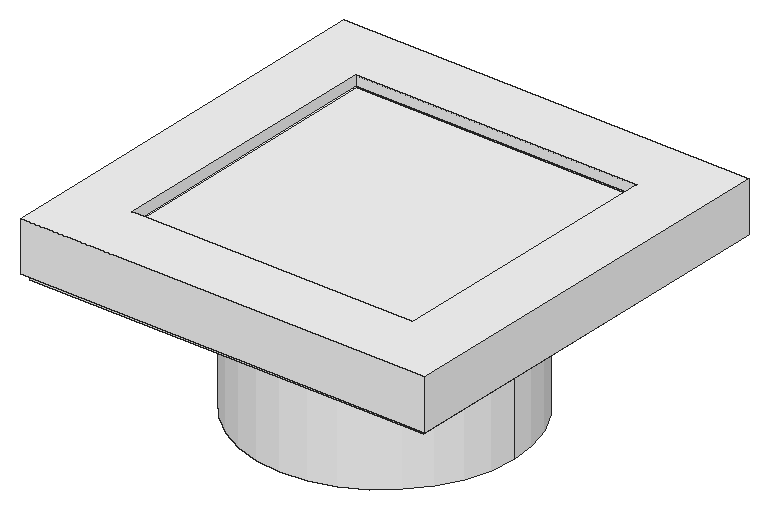
Revit family "Gira_012826", category Electrical Fixtures, host Face, Revit 2017
Family settings
  Host = Face
  Maintain Annotation Orientation = Yes
  Round Connector Dimension = Use Diameter
  Part Type = Normal
  Cut with Voids When Loaded = No
  Shared = No
  Room Calculation Point = No
Parameters (values of type "PB sw. 2-way 2-g System 55 c.alum.")
  With mounting plate = "No"
  Wiring system = "Alternating-/alternating switch"
  White [instance] = White
  Washing machine switch = "No"
  URL = "http://katalog.gira.de/en/datenblatt.html?artikelnr=012826"
  Type of fastening = "Mounting with claw and screw"
  Surface protection = "Other"
  Suitable for degree of protection (IP) = "IP20"
  Rated current = "10"
  Push button switch = "Yes"
  Number of rockers = "2"
  Number of modules (module system) = "1"
  Nominal voltage = "250"
  Name = "PB sw. 2-way 2-g System 55 c.alum."
  Mounting method = "Flush mounted (plaster)"
  Model = "Sys55_Komplettgerät_Schalten und Tasten"
  Method of operation = "Rocker/button"
  Material quality = "Thermoplastic"
  Material = "Plastic"
  Manufacturer URL = "https://www.gira.de/"
  Manufacturer = "Gira"
  Label space/information surface = "No"
  Illumination = "No"
  HeinzeBIM = "https://bimportal.heinze.de/bim/pb-sw-2-way-2-g-system-55-c-alum-/2f7c361a5b53bc85409570c9cb43cc0e9fb6b72d"
  Halogen free = "Yes"
  HAN = "012826"
  GTIN = "4010337128267"
  Feedback-signal contact = "No"
  Description = "PB sw.2-w 2g Sys55 CAl,Pushbutton switch, 10 AX 250 V~ with rocker, 2-gang,2-way switch, 2-gang,colour aluminium,"
  Default Elevation = 1219.2 mm
  Data sheet (1) = "https://katalog.gira.de/en/download.html?artikelnr=012826"
  Connection type = "Plug clamp"
  Colour = "Aluminium"
  Category = "Switch"
  BIM (1) = "https://media.stage.bim.site/public/gira/36a6b08/Sys55_Komplettgerät_Schalten und Tasten.rfa?public/gira/36a6b08/Sys55_Komplettgerät_Schalten und Tasten.rfa"
  Available = "No"
  Assembly arrangement = "Basic element with central cover plate"
Reference planes
  plane 1 "Center (Front/Back)": y = 0
  plane 2: z = 0
  plane 3 "Center (Left/Right)": x = 0
Forms (mm)
  Extrusion 1, solid, material "White" <- "White", detail levels medium
    sketch origin (0, 0, 0) x (1, 0, 0) y (0, 1, 0)
      loop
        line (-40.4, 40.4) -> (-40.4, -40.4) -> (40.4, -40.4) -> (40.4, 40.4) -> (-40.4, 40.4)
      loop
        line (-28, 28) -> (-28, -28) -> (28, -28) -> (28, 28) -> (-28, 28)
    from 0 to 10
  Extrusion 2, solid, material "White" <- "White", detail levels fine
    sketch origin (0, 0, 0) x (1, 0, 0) y (0, 1, 0)
      loop
        line (-40.4, 40.4) -> (-40.4, -40.4) -> (40.4, -40.4) -> (40.4, 40.4) -> (-40.4, 40.4)
      loop
        line (-28, 28) -> (-28, -28) -> (28, -28) -> (28, 28) -> (-28, 28)
    from 0 to 10
  Extrusion 3, void
    sketch origin (0, 0, 0) x (1, 0, 0) y (0, 1, 0)
      loop
        line (-38.4, 38.4) -> (-38.4, -38.4) -> (38.4, -38.4) -> (38.4, 38.4) -> (-38.4, 38.4)
    from 0 to 8
  Extrusion 4, solid, material "White" <- "White", detail levels medium+fine
    sketch origin (0, 0, 0) x (1, 0, 0) y (0, 1, 0)
      loop
        line (-39.4, 39.4) -> (-39.4, -39.4) -> (39.4, -39.4) -> (39.4, 39.4) -> (-39.4, 39.4)
    from 0 to -1
  Extrusion 5, solid, material "White" <- "White", detail levels medium+fine
    sketch origin (0, 0, 0) x (1, 0, 0) y (0, 1, 0)
      loop
        line (-35.5, 35.5) -> (-35.5, -35.5) -> (35.5, -35.5) -> (35.5, 35.5) -> (-35.5, 35.5)
    from -2 to -3
  Extrusion 6, solid, material "White" <- "White", detail levels medium+fine
    sketch origin (0, 0, 0) x (1, 0, 0) y (0, 1, 0)
      loop
        circle (0, 0) r 26
    from 0 to -27.5
  Extrusion 7, solid, material "White" <- "White", detail levels coarse
    sketch origin (0, 0, 0) x (1, 0, 0) y (0, 1, 0)
      loop
        line (-40.4, 40.4) -> (-40.4, -40.4) -> (40.4, -40.4) -> (40.4, 40.4) -> (-40.4, 40.4)
    from -27.5 to 10
Cuts and joins
  Extrusion 3 cuts Extrusion 2
Dimensions and locks
  aligned and locked: plane 2 to host face
  aligned and locked: level to host face
  aligned and locked: plane 3 "Center (Left/Right)" to nested 2
  aligned and locked: plane 1 "Center (Front/Back)" to nested 2
Nested families
  nested 1: "Sys55_Abdeckung_Schalten und Tasten_floor_base" at (0, 0, 0), type "Sys55_Abdeckung_Schalten und Tasten_floor_base"
  nested 2: "Schalter" at (0, 0, 0), type "Schalter"
Connectors
  electrical at (0, 0, -27.5)
    settings: on Extrusion 6, index 1, voltage 220 V, apparent load 0 VA, apparent load phase1 0 VA, apparent load phase2 0 VA, apparent load phase3 0 VA, power factor 1, load classification "Other", number of poles 1, system type 30, power factor state 1, is connector primary yes, connector utility no, sub classification motor no, connector description ""
Definition of nested family "Sys55_Abdeckung_Schalten und Tasten_floor_base"
  Parameters
    Default Elevation = 1219.2 mm
    White [instance] = none
  Reference planes
    plane 1 "Center (Front/Back)": y = 0
    plane 2: z = 0
    plane 3 "Center (Left/Right)": x = 0
  Forms (mm)
    Extrusion 1, solid
      sketch origin (0, 0, 0) x (1, 0, 0) y (0, 1, 0)
        loop
          line (-1219.2, 1219.2) -> (-1219.2, -1219.2) -> (1219.2, -1219.2) -> (1219.2, 1219.2) -> (-1219.2, 1219.2)
      from 0 to -304.8
    Extrusion 2, solid, material <- "White", detail levels fine
      sketch origin (0, 0, 0) x (1, 0, 0) y (0, 1, 0)
        loop
          line (-27.5, 27.5) -> (-27.5, -27.5) -> (27.5, -27.5) -> (27.5, 27.5) -> (-27.5, 27.5)
      from 0 to 8
    Extrusion 3, void
      sketch origin (0, 0, 0) x (1, 0, 0) y (0, 1, 0)
        loop
          line (26, 26) -> (-26, 26) -> (-26, -26) -> (26, -26) -> (26, 26)
      from 0 to 6
    Extrusion 4, solid, material <- "White", detail levels medium
      sketch origin (0, 0, 0) x (1, 0, 0) y (0, 1, 0)
        loop
          line (-27.5, 27.5) -> (-27.5, -27.5) -> (27.5, -27.5) -> (27.5, 27.5) -> (-27.5, 27.5)
      from 0 to 8
    Extrusion 5, solid, material <- "White", detail levels medium
      sketch origin (0, 0, 0) x (1, 0, 0) y (0, 1, 0)
        loop
          line (11, -17.5) -> (11, 17.5) -> (-11, 17.5) -> (-11, -17.5) -> (11, -17.5)
      from -6 to 6
    Extrusion 6, solid, material <- "White", detail levels fine
      sketch origin (0, 0, 0) x (1, 0, 0) y (0, 1, 0)
        loop
          line (11, 17.5) -> (-11, 17.5) -> (-11, 16.5) -> (11, 16.5) -> (11, 17.5)
        loop
          line (-11, -16.5) -> (-11, -17.5) -> (11, -17.5) -> (11, -16.5) -> (-11, -16.5)
      from -4 to 6
    Extrusion 7, solid, material <- "White", detail levels fine
      sketch origin (0, 0, 0) x (1, 0, 0) y (0, 1, 0)
        loop
          arc (5, 9.347) -> (0, 10.6) -> (-5, 9.347) r 10.6
          line (-5, 9.347) -> (-5, -9.347)
          arc (-5, -9.347) -> (0, -10.6) -> (5, -9.347) r 10.6
          line (5, -9.347) -> (5, 9.347)
      from -6 to 6
    Extrusion 8, solid, material <- "White", detail levels coarse
      sketch origin (0, 0, 0) x (1, 0, 0) y (0, 1, 0)
        loop
          line (-27.5, 27.5) -> (-27.5, -27.5) -> (27.5, -27.5) -> (27.5, 27.5) -> (-27.5, 27.5)
      from -6 to 8
  Cuts and joins
    Extrusion 3 cuts Extrusion 2
  Dimensions and locks
    aligned and locked: plane 2 to Extrusion 1
    aligned and locked: level to Extrusion 1
Definition of nested family "Schalter"
  Reference planes
    plane 1: y = 0
    plane 2: x = 0
  Lines and regions (mm)
    detail lines
      curve 1: circle (1.375, 2.778, 0) r 0.8 normal (0, 0, 1)
      curve 2: line (1.021, 2.061, 0) -> (0, 0, 0)
      curve 3: line (0, 0, 0) -> (-0.538, 0.266, 0)
  Dimensions and locks
    curve 2 to curve 2 = 2.3 mm
    curve 3 to curve 2 = 0.6 mm
    radius of curve 1 = 0.8 mm
